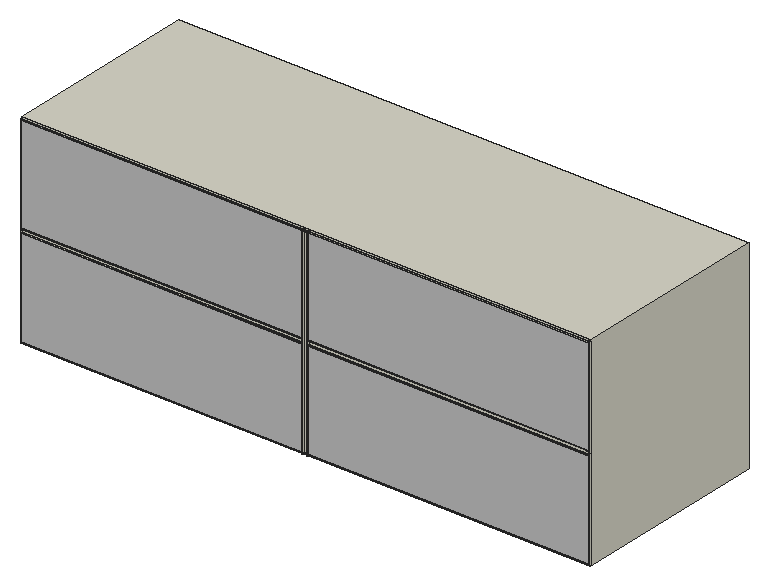
Revit family "vanity unit-hansgrohe-54200XXX-Xevolos E Vanity unit Sand Matt Beige 1570_550 with 4 drawers for consoles with 2 countertop basins ground", category Furniture, Revit 2019
Family settings
  OmniClass Number = 23.40.00.00
  OmniClass Title = Equipment and Furnishings
  Work Plane-Based = No
  Always vertical = Yes
  Cut with Voids When Loaded = No
  Shared = Yes
  Room Calculation Point = No
Parameters (values of type "54200790-SAND_MATT_BEIGE-METALLIC_SAND_BEIGE-200")
  etim7_EC011381 = "EC011381"
  WEIGHT = "88.5"
  UNSPSC = "56 | Furniture and Furnishings"
  UNIFORMATII = "E2010 | Fixed Furnishings"
  UNICLASS_2015_CODE = "40_30_78_05"
  UNICLASS2015 = "Pr_40_30_78_05 | Bathroom furniture"
  SURFACE = "METALLIC_SAND_BEIGE"
  REGION = "Worldwide"
  PRODUCTURL = "https://pro.hansgrohe.com/articledetail--54200790"
  PERMALINK = "54200XXX"
  OMNICLASS = "23-21 19 15 33 13 | Residential Bathroom Specialty Casework"
  OBJECTTYPE = "Object (single object)"
  OBERFLAECHE = "SAND_MATT_BEIGE"
  NN = "Vanity unit with 4 drawers for consoles with 2 countertop basins ground"
  NBSYN = "$ARTNR.-$OBERFLAECHE.-$SURFACE.-$LODLEVEL."
  NB = "54200790-SAND_MATT_BEIGE-METALLIC_SAND_BEIGE-200"
  NAME = "Xevolos E Vanity unit Sand Matt Beige 1570/550 with 4 drawers for consoles with 2 countertop basins ground"
  Model = "54200790-SAND_MATT_BEIGE-METALLIC_SAND_BEIGE-200"
  Manufacturer = "Hansgrohe"
  MIdent = "{$CADENAS_DATA/23d-libs/hansgrohe/xevolos_furniture/e_vanity_unit_4drawers_consoles_2countertop_basin/vanity_unit_4drawers_consoles_2countertopbasin.prj},310 {VTYP=3D},{NB=54200790-SAND_MATT_BEIGE-METALLIC_SAND_BEIGE-200},{LINA=54200790-SAND_MATT_BEIGE-METALLIC_SAND_BEIGE-200},{NN=Vanity unit with 4 drawers for consoles with 2 countertop basins ground},{DATE=13.03.2023 11:55:27},{GEOMDATE=12.03.2023 06:39:00},{VERSION=},{LINEID=150},{WBVAR=LODLEVEL},{WBNUMERIC=}  {NB=54200790-SAND_MATT_BEIGE-METALLIC_SAND_BEIGE-200},{LINA=54200790-SAND_MATT_BEIGE-METALLIC_SAND_BEIGE-200},{KT=DUMMY},{IDNR=15},{ARTNR=54200790},{BASENUMBER=54200},{MODEL=54200XXX},{OBERFLAECHE=SAND_MATT_BEIGE},{SURFACE=METALLIC_SAND_BEIGE},{L=1570},{LODLEVEL=200},{LODLEVELX='400','400','200','200'},{NAME=Xevolos E Vanity unit Sand Matt Beige 1570/550 with 4 drawers for consoles with 2 countertop basins ground},{PERMALINK=54200XXX},{OBJECTTYPE=Object (single object)},{BIMOBJECT=Sanitary: Compound units},{COLLECTIONSET=Xevolos E},{COLLECTION=vanity unit},{WEIGHT=88.5},{DESCRIPTION=Xevolos E Vanity unit Sand Matt Beige 1570/550 with 4 drawers for consoles with 2 countertop basins ground},{PRODUCTURL=https://pro.hansgrohe.com/articledetail--54200790},{GTINCODE=0},{TENDERURL=0},{IFC=Furnishing element},{ETIM=EC011381 | Bathroom furniture set},{UNICLASS2015=Pr_40_30_78_05 | Bathroom furniture},{OMNICLASS=23-21 19 15 33 13 | Residential Bathroom Specialty Casework},{MASTERFORMAT=12 35 30.23 | Bathroom Casework},{UNSPSC=56 | Furniture and Furnishings},{UNIFORMATII=E2010 | Fixed Furnishings},{REGION=Worldwide},{DESIGN=Germany},{MANUFACTURER=Germany}"
  MASTERFORMAT = "12 35 30.23 | Bathroom Casework"
  LODLEVEL = "200"
  LINA = "54200790-SAND_MATT_BEIGE-METALLIC_SAND_BEIGE-200"
  L = 1570
  IFC = "Furnishing element"
  IDNR = 15
  ETIM = "EC011381 | Bathroom furniture set"
  DESIGN = "Germany"
  COLLECTIONSET = "Xevolos E"
  COLLECTION = "vanity unit"
  CATALOG = "Hansgrohe"
  BIMOBJECT = "Sanitary: Compound units"
  BASENUMBER = "54200"
  ARTNR = "54200790"
  54200790-SAND_MATT_BEIGE-METALLIC_SAND_BEIGE-400_RX0RY0RZ0TX0TY0TZ0_V = no
  54200790-SAND_MATT_BEIGE-METALLIC_SAND_BEIGE-200_RX0RY0RZ0TX0TY0TZ0_V = yes
  54200730-SAND_MATT_BEIGE-DARK_OAK-400_RX0RY0RZ0TX0TY0TZ0_V = no
  54200730-SAND_MATT_BEIGE-DARK_OAK-200_RX0RY0RZ0TX0TY0TZ0_V = no
  54200390-SAND_MATT_BEIGE-PATTEREND_BRONZE-400_RX0RY0RZ0TX0TY0TZ0_V = no
  54200390-SAND_MATT_BEIGE-PATTEREND_BRONZE-200_RX0RY0RZ0TX0TY0TZ0_V = no
Reference planes
  plane 1 "Center (Front/Back)": y = 0
  plane 2: z = 0
  plane 3 "Center (Left/Right)": x = 0
Dimensions and locks
  aligned and locked: level to plane 2
Nested families
  nested 1: "54200390-sand_matt_beige-patterend_bronze-200_content" at (0, 0, 0), visible <- "54200390-SAND_MATT_BEIGE-PATTEREND_BRONZE-200_RX0RY0RZ0TX0TY0TZ0_V", ContentVisible <- "54200390-SAND_MATT_BEIGE-PATTEREND_BRONZE-200_RX0RY0RZ0TX0TY0TZ0_V", type "54200390-SAND_MATT_BEIGE-PATTEREND_BRONZE-200_Content"
    with ContentVisible no
  nested 2: "54200390-sand_matt_beige-patterend_bronze-400_content" at (0, 0, 0), visible <- "54200390-SAND_MATT_BEIGE-PATTEREND_BRONZE-400_RX0RY0RZ0TX0TY0TZ0_V", ContentVisible <- "54200390-SAND_MATT_BEIGE-PATTEREND_BRONZE-400_RX0RY0RZ0TX0TY0TZ0_V", type "54200390-SAND_MATT_BEIGE-PATTEREND_BRONZE-400_Content"
    with ContentVisible no
  nested 3: "54200730-sand_matt_beige-dark_oak-200_content" at (0, 0, 0), visible <- "54200730-SAND_MATT_BEIGE-DARK_OAK-200_RX0RY0RZ0TX0TY0TZ0_V", ContentVisible <- "54200730-SAND_MATT_BEIGE-DARK_OAK-200_RX0RY0RZ0TX0TY0TZ0_V", type "54200730-SAND_MATT_BEIGE-DARK_OAK-200_Content"
    with ContentVisible no
  nested 4: "54200730-sand_matt_beige-dark_oak-400_content" at (0, 0, 0), visible <- "54200730-SAND_MATT_BEIGE-DARK_OAK-400_RX0RY0RZ0TX0TY0TZ0_V", ContentVisible <- "54200730-SAND_MATT_BEIGE-DARK_OAK-400_RX0RY0RZ0TX0TY0TZ0_V", type "54200730-SAND_MATT_BEIGE-DARK_OAK-400_Content"
    with ContentVisible no
  nested 5: "54200790-sand_matt_beige-metallic_sand_beige-200_content" at (0, 0, 0), visible <- "54200790-SAND_MATT_BEIGE-METALLIC_SAND_BEIGE-200_RX0RY0RZ0TX0TY0TZ0_V", ContentVisible <- "54200790-SAND_MATT_BEIGE-METALLIC_SAND_BEIGE-200_RX0RY0RZ0TX0TY0TZ0_V", type "54200790-SAND_MATT_BEIGE-METALLIC_SAND_BEIGE-200_Content"
    with ContentVisible yes
  nested 6: "54200790-sand_matt_beige-metallic_sand_beige-400_content" at (0, 0, 0), visible <- "54200790-SAND_MATT_BEIGE-METALLIC_SAND_BEIGE-400_RX0RY0RZ0TX0TY0TZ0_V", ContentVisible <- "54200790-SAND_MATT_BEIGE-METALLIC_SAND_BEIGE-400_RX0RY0RZ0TX0TY0TZ0_V", type "54200790-SAND_MATT_BEIGE-METALLIC_SAND_BEIGE-400_Content"
    with ContentVisible no
Definition of nested family "54200790-sand_matt_beige-metallic_sand_beige-200_content"
  Parameters (values of type "54200790-SAND_MATT_BEIGE-METALLIC_SAND_BEIGE-200_Content")
    etim7_EC011381 = "EC011381"
    WEIGHT = "88.5"
    UNSPSC = "56 | Furniture and Furnishings"
    UNIFORMATII = "E2010 | Fixed Furnishings"
    UNICLASS_2015_CODE = "40_30_78_05"
    UNICLASS2015 = "Pr_40_30_78_05 | Bathroom furniture"
    SURFACE = "METALLIC_SAND_BEIGE"
    REGION = "Worldwide"
    PRODUCTURL = "https://pro.hansgrohe.com/articledetail--54200790"
    PERMALINK = "54200XXX"
    OMNICLASS = "23-21 19 15 33 13 | Residential Bathroom Specialty Casework"
    OBJECTTYPE = "Object (single object)"
    OBERFLAECHE = "SAND_MATT_BEIGE"
    NN = "Vanity unit with 4 drawers for consoles with 2 countertop basins ground"
    NBSYN = "$ARTNR.-$OBERFLAECHE.-$SURFACE.-$LODLEVEL."
    NB = "54200790-SAND_MATT_BEIGE-METALLIC_SAND_BEIGE-200"
    NAME = "Xevolos E Vanity unit Sand Matt Beige 1570/550 with 4 drawers for consoles with 2 countertop basins ground"
    Model = "54200790-SAND_MATT_BEIGE-METALLIC_SAND_BEIGE-200"
    Manufacturer = "Hansgrohe"
    MASTERFORMAT = "12 35 30.23 | Bathroom Casework"
    LODLEVEL = "200"
    LINA = "54200790-SAND_MATT_BEIGE-METALLIC_SAND_BEIGE-200"
    L = 1570
    IFC = "Furnishing element"
    IDNR = 15
    ETIM = "EC011381 | Bathroom furniture set"
    Default Elevation = 1219.2 mm
    DESIGN = "Germany"
    ContentVisible [instance] = yes
    COLLECTIONSET = "Xevolos E"
    COLLECTION = "vanity unit"
    CATALOG = "Hansgrohe"
    BIMOBJECT = "Sanitary: Compound units"
    BASENUMBER = "54200"
    ARTNR = "54200790"
  Reference planes
    plane 1 "Center (Front/Back)": y = 0
    plane 2: z = 0
    plane 3 "Center (Left/Right)": x = 0
  Forms (mm)
    Extrusion 1, solid, visible <- "ContentVisible", detail levels medium+fine
      sketch origin (0, 0, 0) x (1, 0, 0) y (0, 1, 0)
        loop
          line (-785, 0) -> (-785, -544.3) -> (785, -544.3) -> (785, 0) -> (-785, 0)
      from 0 to 558
    Extrusion 2, solid, visible <- "ContentVisible", detail levels medium+fine
      sketch origin (0, -544.3, 0) x (1, 0, 0) y (0, 0, -1)
        loop
          line (-785, -278) -> (-783, -278) -> (-783, -4) -> (783, -4) -> (783, -278) -> (785, -278) -> (785, -2) -> (-785, -2) -> (-785, -278)
      from -4 to 0
    Extrusion 3, solid, visible <- "ContentVisible", detail levels medium+fine
      sketch origin (0, -544.3, 0) x (1, 0, 0) y (0, 0, -1)
        loop
          line (-785, -278) -> (-785, -554) -> (785, -554) -> (785, -278) -> (783, -278) -> (783, -552) -> (-783, -552) -> (-783, -278) -> (-785, -278)
      from -4 to 0
    Extrusion 4, solid, visible <- "ContentVisible", detail levels medium+fine
      sketch origin (0, -544.3, 0) x (1, 0, 0) y (0, 0, -1)
        loop
          line (-783, -272.5) -> (-7, -272.5) -> (-7, -4) -> (-783, -4) -> (-783, -272.5)
      from -4 to 0
    Extrusion 5, solid, visible <- "ContentVisible", detail levels medium+fine
      sketch origin (0, -544.3, 0) x (1, 0, 0) y (0, 0, -1)
        loop
          line (7, -272.5) -> (783, -272.5) -> (783, -4) -> (7, -4) -> (7, -272.5)
      from -2 to 0
    Extrusion 6, solid, visible <- "ContentVisible", detail levels medium+fine
      sketch origin (0, -544.3, 0) x (1, 0, 0) y (0, 0, -1)
        loop
          line (-783, -554) -> (-7, -554) -> (-7, -285.5) -> (-783, -285.5) -> (-783, -554)
      from -4 to 0
    Extrusion 7, solid, visible <- "ContentVisible", detail levels medium+fine
      sketch origin (0, -544.3, 0) x (1, 0, 0) y (0, 0, -1)
        loop
          line (7, -554) -> (783, -554) -> (783, -285.5) -> (7, -285.5) -> (7, -554)
      from -4 to 0
    Extrusion 8, solid, visible <- "ContentVisible", detail levels medium+fine
      sketch origin (0, 0, 272.5) x (1, 0, 0) y (0, 1, 0)
        loop
          line (-783, -527) -> (-783, -548.3) -> (-7, -548.3) -> (-7, -527) -> (-783, -527)
      from 0 to 2
    Extrusion 9, solid, visible <- "ContentVisible", detail levels medium+fine
      sketch origin (0, 0, 272.5) x (1, 0, 0) y (0, 1, 0)
        loop
          line (7, -527) -> (7, -548.3) -> (783, -548.3) -> (783, -527) -> (7, -527)
      from 0 to 2
    Extrusion 10, solid, visible <- "ContentVisible", detail levels medium+fine
      sketch origin (0, 0, 285.5) x (1, 0, 0) y (0, 1, 0)
        loop
          line (-783, -527) -> (-783, -548.3) -> (-7, -548.3) -> (-7, -527) -> (-783, -527)
      from -2 to 0
    Extrusion 11, solid, visible <- "ContentVisible", detail levels medium+fine
      sketch origin (0, 0, 285.5) x (1, 0, 0) y (0, 1, 0)
        loop
          line (7, -527) -> (7, -548.3) -> (783, -548.3) -> (783, -527) -> (7, -527)
      from -2 to 0
    Extrusion 12, solid, visible <- "ContentVisible", detail levels medium+fine
      sketch origin (0, 0, 0) x (1, 0, 0) y (0, 1, 0)
        loop
          line (-7, -544.3) -> (-7, -548.3) -> (-5, -548.3) -> (-5, -544.3) -> (-7, -544.3)
      from 0 to 554
    Extrusion 13, solid, visible <- "ContentVisible", detail levels medium+fine
      sketch origin (0, 0, 0) x (1, 0, 0) y (0, 1, 0)
        loop
          line (5, -544.3) -> (5, -548.3) -> (7, -548.3) -> (7, -544.3) -> (5, -544.3)
      from 0 to 554
    Extrusion 14, solid, visible <- "ContentVisible", detail levels coarse
      sketch origin (0, -274.15, 0) x (1, 0, 0) y (0, 1, 0)
        loop
          line (-785, -274.15) -> (785, -274.15) -> (785, 274.15) -> (-785, 274.15) -> (-785, -274.15)
      from 0 to 558
  Dimensions and locks
    aligned and locked: level to plane 2
Definition of nested family "54200390-sand_matt_beige-patterend_bronze-200_content"
  Parameters (values of type "54200390-SAND_MATT_BEIGE-PATTEREND_BRONZE-200_Content")
    etim7_EC011381 = "EC011381"
    WEIGHT = "88.5"
    UNSPSC = "56 | Furniture and Furnishings"
    UNIFORMATII = "E2010 | Fixed Furnishings"
    UNICLASS_2015_CODE = "40_30_78_05"
    UNICLASS2015 = "Pr_40_30_78_05 | Bathroom furniture"
    SURFACE = "PATTEREND_BRONZE"
    REGION = "Worldwide"
    PRODUCTURL = "https://pro.hansgrohe.com/articledetail--54200790"
    PERMALINK = "54200XXX"
    OMNICLASS = "23-21 19 15 33 13 | Residential Bathroom Specialty Casework"
    OBJECTTYPE = "Object (single object)"
    OBERFLAECHE = "SAND_MATT_BEIGE"
    NN = "Vanity unit with 4 drawers for consoles with 2 countertop basins ground"
    NBSYN = "$ARTNR.-$OBERFLAECHE.-$SURFACE.-$LODLEVEL."
    NB = "54200390-SAND_MATT_BEIGE-PATTEREND_BRONZE-200"
    NAME = "Xevolos E Vanity unit Sand Matt Beige 1570/550 with 4 drawers for consoles with 2 countertop basins ground"
    Model = "54200390-SAND_MATT_BEIGE-PATTEREND_BRONZE-200"
    Manufacturer = "Hansgrohe"
    MASTERFORMAT = "12 35 30.23 | Bathroom Casework"
    LODLEVEL = "200"
    LINA = "54200390-SAND_MATT_BEIGE-PATTEREND_BRONZE-200"
    L = 1570
    IFC = "Furnishing element"
    IDNR = 13
    ETIM = "EC011381 | Bathroom furniture set"
    Default Elevation = 1219.2 mm
    DESIGN = "Germany"
    ContentVisible [instance] = yes
    COLLECTIONSET = "Xevolos E"
    COLLECTION = "vanity unit"
    CATALOG = "Hansgrohe"
    BIMOBJECT = "Sanitary: Compound units"
    BASENUMBER = "54200"
    ARTNR = "54200390"
  Reference planes
    plane 1 "Center (Front/Back)": y = 0
    plane 2: z = 0
    plane 3 "Center (Left/Right)": x = 0
  Forms (mm)
    Extrusion 1, solid, visible <- "ContentVisible", detail levels medium+fine
      sketch origin (0, 0, 0) x (1, 0, 0) y (0, 1, 0)
        loop
          line (-785, 0) -> (-785, -544.3) -> (785, -544.3) -> (785, 0) -> (-785, 0)
      from 0 to 558
    Extrusion 2, solid, visible <- "ContentVisible", detail levels medium+fine
      sketch origin (0, -544.3, 0) x (1, 0, 0) y (0, 0, -1)
        loop
          line (-785, -278) -> (-783, -278) -> (-783, -4) -> (783, -4) -> (783, -278) -> (785, -278) -> (785, -2) -> (-785, -2) -> (-785, -278)
      from -4 to 0
    Extrusion 3, solid, visible <- "ContentVisible", detail levels medium+fine
      sketch origin (0, -544.3, 0) x (1, 0, 0) y (0, 0, -1)
        loop
          line (-785, -278) -> (-785, -554) -> (785, -554) -> (785, -278) -> (783, -278) -> (783, -552) -> (-783, -552) -> (-783, -278) -> (-785, -278)
      from -4 to 0
    Extrusion 4, solid, visible <- "ContentVisible", detail levels medium+fine
      sketch origin (0, -544.3, 0) x (1, 0, 0) y (0, 0, -1)
        loop
          line (-783, -272.5) -> (-7, -272.5) -> (-7, -4) -> (-783, -4) -> (-783, -272.5)
      from -4 to 0
    Extrusion 5, solid, visible <- "ContentVisible", detail levels medium+fine
      sketch origin (0, -544.3, 0) x (1, 0, 0) y (0, 0, -1)
        loop
          line (7, -272.5) -> (783, -272.5) -> (783, -4) -> (7, -4) -> (7, -272.5)
      from -2 to 0
    Extrusion 6, solid, visible <- "ContentVisible", detail levels medium+fine
      sketch origin (0, -544.3, 0) x (1, 0, 0) y (0, 0, -1)
        loop
          line (-783, -554) -> (-7, -554) -> (-7, -285.5) -> (-783, -285.5) -> (-783, -554)
      from -4 to 0
    Extrusion 7, solid, visible <- "ContentVisible", detail levels medium+fine
      sketch origin (0, -544.3, 0) x (1, 0, 0) y (0, 0, -1)
        loop
          line (7, -554) -> (783, -554) -> (783, -285.5) -> (7, -285.5) -> (7, -554)
      from -4 to 0
    Extrusion 8, solid, visible <- "ContentVisible", detail levels medium+fine
      sketch origin (0, 0, 272.5) x (1, 0, 0) y (0, 1, 0)
        loop
          line (-783, -527) -> (-783, -548.3) -> (-7, -548.3) -> (-7, -527) -> (-783, -527)
      from 0 to 2
    Extrusion 9, solid, visible <- "ContentVisible", detail levels medium+fine
      sketch origin (0, 0, 272.5) x (1, 0, 0) y (0, 1, 0)
        loop
          line (7, -527) -> (7, -548.3) -> (783, -548.3) -> (783, -527) -> (7, -527)
      from 0 to 2
    Extrusion 10, solid, visible <- "ContentVisible", detail levels medium+fine
      sketch origin (0, 0, 285.5) x (1, 0, 0) y (0, 1, 0)
        loop
          line (-783, -527) -> (-783, -548.3) -> (-7, -548.3) -> (-7, -527) -> (-783, -527)
      from -2 to 0
    Extrusion 11, solid, visible <- "ContentVisible", detail levels medium+fine
      sketch origin (0, 0, 285.5) x (1, 0, 0) y (0, 1, 0)
        loop
          line (7, -527) -> (7, -548.3) -> (783, -548.3) -> (783, -527) -> (7, -527)
      from -2 to 0
    Extrusion 12, solid, visible <- "ContentVisible", detail levels medium+fine
      sketch origin (0, 0, 0) x (1, 0, 0) y (0, 1, 0)
        loop
          line (-7, -544.3) -> (-7, -548.3) -> (-5, -548.3) -> (-5, -544.3) -> (-7, -544.3)
      from 0 to 554
    Extrusion 13, solid, visible <- "ContentVisible", detail levels medium+fine
      sketch origin (0, 0, 0) x (1, 0, 0) y (0, 1, 0)
        loop
          line (5, -544.3) -> (5, -548.3) -> (7, -548.3) -> (7, -544.3) -> (5, -544.3)
      from 0 to 554
    Extrusion 14, solid, visible <- "ContentVisible", detail levels coarse
      sketch origin (0, -274.15, 0) x (1, 0, 0) y (0, 1, 0)
        loop
          line (-785, -274.15) -> (785, -274.15) -> (785, 274.15) -> (-785, 274.15) -> (-785, -274.15)
      from 0 to 558
  Dimensions and locks
    aligned and locked: level to plane 2
Definition of nested family "54200390-sand_matt_beige-patterend_bronze-400_content"
  Parameters (values of type "54200390-SAND_MATT_BEIGE-PATTEREND_BRONZE-400_Content")
    etim7_EC011381 = "EC011381"
    WEIGHT = "88.5"
    UNSPSC = "56 | Furniture and Furnishings"
    UNIFORMATII = "E2010 | Fixed Furnishings"
    UNICLASS_2015_CODE = "40_30_78_05"
    UNICLASS2015 = "Pr_40_30_78_05 | Bathroom furniture"
    SURFACE = "PATTEREND_BRONZE"
    REGION = "Worldwide"
    PRODUCTURL = "https://pro.hansgrohe.com/articledetail--54200790"
    PERMALINK = "54200XXX"
    OMNICLASS = "23-21 19 15 33 13 | Residential Bathroom Specialty Casework"
    OBJECTTYPE = "Object (single object)"
    OBERFLAECHE = "SAND_MATT_BEIGE"
    NN = "Vanity unit with 4 drawers for consoles with 2 countertop basins ground"
    NBSYN = "$ARTNR.-$OBERFLAECHE.-$SURFACE.-$LODLEVEL."
    NB = "54200390-SAND_MATT_BEIGE-PATTEREND_BRONZE-400"
    NAME = "Xevolos E Vanity unit Sand Matt Beige 1570/550 with 4 drawers for consoles with 2 countertop basins ground"
    Model = "54200390-SAND_MATT_BEIGE-PATTEREND_BRONZE-400"
    Manufacturer = "Hansgrohe"
    MASTERFORMAT = "12 35 30.23 | Bathroom Casework"
    LODLEVEL = "400"
    LINA = "54200390-SAND_MATT_BEIGE-PATTEREND_BRONZE-400"
    L = 1570
    IFC = "Furnishing element"
    IDNR = 13
    ETIM = "EC011381 | Bathroom furniture set"
    Default Elevation = 1219.2 mm
    DESIGN = "Germany"
    ContentVisible [instance] = yes
    COLLECTIONSET = "Xevolos E"
    COLLECTION = "vanity unit"
    CATALOG = "Hansgrohe"
    BIMOBJECT = "Sanitary: Compound units"
    BASENUMBER = "54200"
    ARTNR = "54200390"
  Reference planes
    plane 1 "Center (Front/Back)": y = 0
    plane 2: z = 0
    plane 3 "Center (Left/Right)": x = 0
  Forms (mm)
    Extrusion 1, solid, visible <- "ContentVisible", detail levels medium+fine
      sketch origin (0, 0, 0) x (1, 0, 0) y (0, 1, 0)
        loop
          line (-785, 0) -> (-785, -548.3) -> (-783, -548.3) -> (-783, -544.3) -> (-769, -544.3) -> (-769, 0) -> (-785, 0)
      from 0 to 558
    Extrusion 2, solid, visible <- "ContentVisible", detail levels medium+fine
      sketch origin (0, 0, 0) x (1, 0, 0) y (0, 1, 0)
        loop
          line (-769, -131.5) -> (-769, -498) -> (769, -498) -> (769, -131.5) -> (-769, -131.5)
      from 0 to 16
    Extrusion 3, solid, visible <- "ContentVisible", detail levels medium+fine
      sketch origin (0, 0, 0) x (1, 0, 0) y (0, 1, 0)
        loop
          line (769, 0) -> (769, -544.3) -> (783, -544.3) -> (783, -548.3) -> (785, -548.3) -> (785, 0) -> (769, 0)
      from 0 to 558
    Extrusion 4, solid, visible <- "ContentVisible", detail levels medium+fine
      sketch origin (0, 0, 0.5) x (1, 0, 0) y (0, 1, 0)
        loop
          line (-769, -115.5) -> (-769, -131.5) -> (769, -131.5) -> (769, -115.5) -> (-769, -115.5)
      from 0 to 126
    Extrusion 5, solid, visible <- "ContentVisible", detail levels medium+fine
      sketch origin (0, 0, 0) x (1, 0, 0) y (0, 1, 0)
        loop
          line (-5, -536) -> (5, -536) -> (5, 0) -> (-5, 0) -> (-5, -536)
      from 0 to 558
    Extrusion 6, solid, visible <- "ContentVisible", detail levels medium+fine
      sketch origin (0, 0, 0) x (1, 0, 0) y (0, 1, 0)
        loop
          line (-21, 0) -> (-21, -544.3) -> (-7, -544.3) -> (-7, -548.3) -> (-5, -548.3) -> (-5, 0) -> (-21, 0)
      from 0 to 558
    Extrusion 7, solid, visible <- "ContentVisible", detail levels medium+fine
      sketch origin (0, 0, 0) x (1, 0, 0) y (0, 1, 0)
        loop
          line (5, 0) -> (5, -548.3) -> (7, -548.3) -> (7, -544.3) -> (21, -544.3) -> (21, 0) -> (5, 0)
      from 0 to 558
    Extrusion 8, solid, visible <- "ContentVisible", detail levels medium+fine
      sketch origin (0, 0, 2) x (1, 0, 0) y (0, 1, 0)
        loop
          line (-783, -527) -> (-783, -548.3) -> (-7, -548.3) -> (-7, -527) -> (-783, -527)
      from 0 to 2
    Extrusion 9, solid, visible <- "ContentVisible", detail levels medium+fine
      sketch origin (0, 0, 2) x (1, 0, 0) y (0, 1, 0)
        loop
          line (7, -527) -> (7, -548.3) -> (783, -548.3) -> (783, -527) -> (7, -527)
      from 0 to 2
    Extrusion 10, solid, visible <- "ContentVisible", detail levels medium+fine
      sketch origin (0, 0, 556) x (1, 0, 0) y (0, 1, 0)
        loop
          line (-783, -527) -> (-783, -548.3) -> (-7, -548.3) -> (-7, -527) -> (-783, -527)
      from -2 to 0
    Extrusion 11, solid, visible <- "ContentVisible", detail levels medium+fine
      sketch origin (0, 0, 556) x (1, 0, 0) y (0, 1, 0)
        loop
          line (7, -527) -> (7, -548.3) -> (783, -548.3) -> (783, -527) -> (7, -527)
      from -2 to 0
    Extrusion 12, solid, visible <- "ContentVisible", detail levels medium+fine
      sketch origin (0, -544.3, 0) x (1, 0, 0) y (0, 0, -1)
        loop
          line (-783, -272.5) -> (-7, -272.5) -> (-7, -4) -> (-783, -4) -> (-783, -272.5)
      from -4 to 0
    Extrusion 13, solid, visible <- "ContentVisible", detail levels medium+fine
      sketch origin (0, -544.3, 0) x (1, 0, 0) y (0, 0, -1)
        loop
          line (7, -272.5) -> (783, -272.5) -> (783, -4) -> (7, -4) -> (7, -272.5)
      from -2 to 0
    Extrusion 14, solid, visible <- "ContentVisible", detail levels medium+fine
      sketch origin (0, -544.3, 0) x (1, 0, 0) y (0, 0, -1)
        loop
          line (-783, -554) -> (-7, -554) -> (-7, -285.5) -> (-783, -285.5) -> (-783, -554)
      from -4 to 0
    Extrusion 15, solid, visible <- "ContentVisible", detail levels medium+fine
      sketch origin (0, -544.3, 0) x (1, 0, 0) y (0, 0, -1)
        loop
          line (7, -554) -> (783, -554) -> (783, -285.5) -> (7, -285.5) -> (7, -554)
      from -4 to 0
    Extrusion 16, solid, visible <- "ContentVisible", detail levels medium+fine
      sketch origin (0, 0, 272.5) x (1, 0, 0) y (0, 1, 0)
        loop
          line (-783, -527) -> (-783, -548.3) -> (-7, -548.3) -> (-7, -527) -> (-783, -527)
      from 0 to 2
    Extrusion 17, solid, visible <- "ContentVisible", detail levels medium+fine
      sketch origin (0, 0, 272.5) x (1, 0, 0) y (0, 1, 0)
        loop
          line (7, -527) -> (7, -548.3) -> (783, -548.3) -> (783, -527) -> (7, -527)
      from 0 to 2
    Extrusion 18, solid, visible <- "ContentVisible", detail levels medium+fine
      sketch origin (0, 0, 285.5) x (1, 0, 0) y (0, 1, 0)
        loop
          line (-783, -527) -> (-783, -548.3) -> (-7, -548.3) -> (-7, -527) -> (-783, -527)
      from -2 to 0
    Extrusion 19, solid, visible <- "ContentVisible", detail levels medium+fine
      sketch origin (0, 0, 285.5) x (1, 0, 0) y (0, 1, 0)
        loop
          line (7, -527) -> (7, -548.3) -> (783, -548.3) -> (783, -527) -> (7, -527)
      from -2 to 0
    Extrusion 20, solid, visible <- "ContentVisible", detail levels medium+fine
      sketch origin (0, -544.3, 0) x (1, 0, 0) y (0, 0, -1)
        loop
          line (-783, -274.5) -> (-7, -274.5) -> (-7, -4.5) -> (-783, -4.5) -> (-783, -274.5)
        loop
          line (-709, -80.5) -> (-709, -272.5) -> (-81, -272.5) -> (-81, -80.5) -> (-709, -80.5)
      from 0 to 17
    Extrusion 21, solid, visible <- "ContentVisible", detail levels medium+fine
      sketch origin (0, -544.3, 0) x (1, 0, 0) y (0, 0, -1)
        loop
          line (7, -274.5) -> (783, -274.5) -> (783, -4.5) -> (7, -4.5) -> (7, -274.5)
        loop
          line (81, -80.5) -> (81, -272.5) -> (709, -272.5) -> (709, -80.5) -> (81, -80.5)
      from 0 to 17
    Extrusion 22, solid, visible <- "ContentVisible", detail levels medium+fine
      sketch origin (0, -544.3, 0) x (1, 0, 0) y (0, 0, -1)
        loop
          line (-783, -553.5) -> (-707, -553.5) -> (-707, -361.5) -> (-83, -361.5) -> (-83, -553.5) -> (-7, -553.5) -> (-7, -285.5) -> (-783, -285.5) -> (-783, -553.5)
      from 0 to 17
    Extrusion 23, solid, visible <- "ContentVisible", detail levels medium+fine
      sketch origin (0, -544.3, 0) x (1, 0, 0) y (0, 0, -1)
        loop
          line (7, -285.5) -> (7, -553.5) -> (83, -553.5) -> (83, -361.5) -> (707, -361.5) -> (707, -553.5) -> (783, -553.5) -> (783, -285.5) -> (7, -285.5)
      from 0 to 17
    Extrusion 24, solid, visible <- "ContentVisible", detail levels medium+fine
      sketch origin (0, 0, 0) x (0, 0, -1) y (0, 1, 0)
        loop
          line (-285, -395.5) -> (-285, -520) -> (-269, -520) -> (-269, -395.5) -> (-285, -395.5)
      from -769 to 769
    Extrusion 25, solid, visible <- "ContentVisible", detail levels medium+fine
      sketch origin (0, 0, 557.5) x (1, 0, 0) y (0, 1, 0)
        loop
          line (-769, -521.5) -> (-21, -521.5) -> (-21, -23) -> (-195, -23) -> (-195, -273)
          arc (-195, -273) -> (-224.289, -343.711) -> (-295, -373) r 100
          line (-295, -373) -> (-395, -373)
          arc (-395, -373) -> (-465.711, -343.711) -> (-495, -273) r 100
          line (-495, -273) -> (-495, -23) -> (-769, -23) -> (-769, -521.5)
      from -16 to 0
    Extrusion 26, solid, visible <- "ContentVisible", detail levels medium+fine
      sketch origin (0, 0, 557.5) x (1, 0, 0) y (0, 1, 0)
        loop
          line (21, -23) -> (21, -521.5) -> (769, -521.5) -> (769, -23) -> (495, -23) -> (495, -273)
          arc (495, -273) -> (465.711, -343.711) -> (395, -373) r 100
          line (395, -373) -> (295, -373)
          arc (295, -373) -> (224.289, -343.711) -> (195, -273) r 100
          line (195, -273) -> (195, -23) -> (21, -23)
      from -16 to 0
    Extrusion 27, solid, visible <- "ContentVisible", detail levels coarse
      sketch origin (0, -274.15, 0) x (1, 0, 0) y (0, 1, 0)
        loop
          line (-785, -274.15) -> (785, -274.15) -> (785, 274.15) -> (-785, 274.15) -> (-785, -274.15)
      from 0 to 558
  Dimensions and locks
    aligned and locked: level to plane 2
Definition of nested family "54200730-sand_matt_beige-dark_oak-200_content"
  Parameters (values of type "54200730-SAND_MATT_BEIGE-DARK_OAK-200_Content")
    etim7_EC011381 = "EC011381"
    WEIGHT = "88.5"
    UNSPSC = "56 | Furniture and Furnishings"
    UNIFORMATII = "E2010 | Fixed Furnishings"
    UNICLASS_2015_CODE = "40_30_78_05"
    UNICLASS2015 = "Pr_40_30_78_05 | Bathroom furniture"
    SURFACE = "DARK_OAK"
    REGION = "Worldwide"
    PRODUCTURL = "https://pro.hansgrohe.com/articledetail--54200790"
    PERMALINK = "54200XXX"
    OMNICLASS = "23-21 19 15 33 13 | Residential Bathroom Specialty Casework"
    OBJECTTYPE = "Object (single object)"
    OBERFLAECHE = "SAND_MATT_BEIGE"
    NN = "Vanity unit with 4 drawers for consoles with 2 countertop basins ground"
    NBSYN = "$ARTNR.-$OBERFLAECHE.-$SURFACE.-$LODLEVEL."
    NB = "54200730-SAND_MATT_BEIGE-DARK_OAK-200"
    NAME = "Xevolos E Vanity unit Sand Matt Beige 1570/550 with 4 drawers for consoles with 2 countertop basins ground"
    Model = "54200730-SAND_MATT_BEIGE-DARK_OAK-200"
    Manufacturer = "Hansgrohe"
    MASTERFORMAT = "12 35 30.23 | Bathroom Casework"
    LODLEVEL = "200"
    LINA = "54200730-SAND_MATT_BEIGE-DARK_OAK-200"
    L = 1570
    IFC = "Furnishing element"
    IDNR = 14
    ETIM = "EC011381 | Bathroom furniture set"
    Default Elevation = 1219.2 mm
    DESIGN = "Germany"
    ContentVisible [instance] = yes
    COLLECTIONSET = "Xevolos E"
    COLLECTION = "vanity unit"
    CATALOG = "Hansgrohe"
    BIMOBJECT = "Sanitary: Compound units"
    BASENUMBER = "54200"
    ARTNR = "54200730"
  Reference planes
    plane 1 "Center (Front/Back)": y = 0
    plane 2: z = 0
    plane 3 "Center (Left/Right)": x = 0
  Forms (mm)
    Extrusion 1, solid, visible <- "ContentVisible", detail levels medium+fine
      sketch origin (0, 0, 0) x (1, 0, 0) y (0, 1, 0)
        loop
          line (-785, 0) -> (-785, -544.3) -> (785, -544.3) -> (785, 0) -> (-785, 0)
      from 0 to 558
    Extrusion 2, solid, visible <- "ContentVisible", detail levels medium+fine
      sketch origin (0, -544.3, 0) x (1, 0, 0) y (0, 0, -1)
        loop
          line (-785, -278) -> (-783, -278) -> (-783, -4) -> (783, -4) -> (783, -278) -> (785, -278) -> (785, -2) -> (-785, -2) -> (-785, -278)
      from -4 to 0
    Extrusion 3, solid, visible <- "ContentVisible", detail levels medium+fine
      sketch origin (0, -544.3, 0) x (1, 0, 0) y (0, 0, -1)
        loop
          line (-785, -278) -> (-785, -554) -> (785, -554) -> (785, -278) -> (783, -278) -> (783, -552) -> (-783, -552) -> (-783, -278) -> (-785, -278)
      from -4 to 0
    Extrusion 4, solid, visible <- "ContentVisible", detail levels medium+fine
      sketch origin (0, -544.3, 0) x (1, 0, 0) y (0, 0, -1)
        loop
          line (-783, -272.5) -> (-7, -272.5) -> (-7, -4) -> (-783, -4) -> (-783, -272.5)
      from -4 to 0
    Extrusion 5, solid, visible <- "ContentVisible", detail levels medium+fine
      sketch origin (0, -544.3, 0) x (1, 0, 0) y (0, 0, -1)
        loop
          line (7, -272.5) -> (783, -272.5) -> (783, -4) -> (7, -4) -> (7, -272.5)
      from -2 to 0
    Extrusion 6, solid, visible <- "ContentVisible", detail levels medium+fine
      sketch origin (0, -544.3, 0) x (1, 0, 0) y (0, 0, -1)
        loop
          line (-783, -554) -> (-7, -554) -> (-7, -285.5) -> (-783, -285.5) -> (-783, -554)
      from -4 to 0
    Extrusion 7, solid, visible <- "ContentVisible", detail levels medium+fine
      sketch origin (0, -544.3, 0) x (1, 0, 0) y (0, 0, -1)
        loop
          line (7, -554) -> (783, -554) -> (783, -285.5) -> (7, -285.5) -> (7, -554)
      from -4 to 0
    Extrusion 8, solid, visible <- "ContentVisible", detail levels medium+fine
      sketch origin (0, 0, 272.5) x (1, 0, 0) y (0, 1, 0)
        loop
          line (-783, -527) -> (-783, -548.3) -> (-7, -548.3) -> (-7, -527) -> (-783, -527)
      from 0 to 2
    Extrusion 9, solid, visible <- "ContentVisible", detail levels medium+fine
      sketch origin (0, 0, 272.5) x (1, 0, 0) y (0, 1, 0)
        loop
          line (7, -527) -> (7, -548.3) -> (783, -548.3) -> (783, -527) -> (7, -527)
      from 0 to 2
    Extrusion 10, solid, visible <- "ContentVisible", detail levels medium+fine
      sketch origin (0, 0, 285.5) x (1, 0, 0) y (0, 1, 0)
        loop
          line (-783, -527) -> (-783, -548.3) -> (-7, -548.3) -> (-7, -527) -> (-783, -527)
      from -2 to 0
    Extrusion 11, solid, visible <- "ContentVisible", detail levels medium+fine
      sketch origin (0, 0, 285.5) x (1, 0, 0) y (0, 1, 0)
        loop
          line (7, -527) -> (7, -548.3) -> (783, -548.3) -> (783, -527) -> (7, -527)
      from -2 to 0
    Extrusion 12, solid, visible <- "ContentVisible", detail levels medium+fine
      sketch origin (0, 0, 0) x (1, 0, 0) y (0, 1, 0)
        loop
          line (-7, -544.3) -> (-7, -548.3) -> (-5, -548.3) -> (-5, -544.3) -> (-7, -544.3)
      from 0 to 554
    Extrusion 13, solid, visible <- "ContentVisible", detail levels medium+fine
      sketch origin (0, 0, 0) x (1, 0, 0) y (0, 1, 0)
        loop
          line (5, -544.3) -> (5, -548.3) -> (7, -548.3) -> (7, -544.3) -> (5, -544.3)
      from 0 to 554
    Extrusion 14, solid, visible <- "ContentVisible", detail levels coarse
      sketch origin (0, -274.15, 0) x (1, 0, 0) y (0, 1, 0)
        loop
          line (-785, -274.15) -> (785, -274.15) -> (785, 274.15) -> (-785, 274.15) -> (-785, -274.15)
      from 0 to 558
  Dimensions and locks
    aligned and locked: level to plane 2
Definition of nested family "54200730-sand_matt_beige-dark_oak-400_content"
  Parameters (values of type "54200730-SAND_MATT_BEIGE-DARK_OAK-400_Content")
    etim7_EC011381 = "EC011381"
    WEIGHT = "88.5"
    UNSPSC = "56 | Furniture and Furnishings"
    UNIFORMATII = "E2010 | Fixed Furnishings"
    UNICLASS_2015_CODE = "40_30_78_05"
    UNICLASS2015 = "Pr_40_30_78_05 | Bathroom furniture"
    SURFACE = "DARK_OAK"
    REGION = "Worldwide"
    PRODUCTURL = "https://pro.hansgrohe.com/articledetail--54200790"
    PERMALINK = "54200XXX"
    OMNICLASS = "23-21 19 15 33 13 | Residential Bathroom Specialty Casework"
    OBJECTTYPE = "Object (single object)"
    OBERFLAECHE = "SAND_MATT_BEIGE"
    NN = "Vanity unit with 4 drawers for consoles with 2 countertop basins ground"
    NBSYN = "$ARTNR.-$OBERFLAECHE.-$SURFACE.-$LODLEVEL."
    NB = "54200730-SAND_MATT_BEIGE-DARK_OAK-400"
    NAME = "Xevolos E Vanity unit Sand Matt Beige 1570/550 with 4 drawers for consoles with 2 countertop basins ground"
    Model = "54200730-SAND_MATT_BEIGE-DARK_OAK-400"
    Manufacturer = "Hansgrohe"
    MASTERFORMAT = "12 35 30.23 | Bathroom Casework"
    LODLEVEL = "400"
    LINA = "54200730-SAND_MATT_BEIGE-DARK_OAK-400"
    L = 1570
    IFC = "Furnishing element"
    IDNR = 14
    ETIM = "EC011381 | Bathroom furniture set"
    Default Elevation = 1219.2 mm
    DESIGN = "Germany"
    ContentVisible [instance] = yes
    COLLECTIONSET = "Xevolos E"
    COLLECTION = "vanity unit"
    CATALOG = "Hansgrohe"
    BIMOBJECT = "Sanitary: Compound units"
    BASENUMBER = "54200"
    ARTNR = "54200730"
  Reference planes
    plane 1 "Center (Front/Back)": y = 0
    plane 2: z = 0
    plane 3 "Center (Left/Right)": x = 0
  Forms (mm)
    Extrusion 1, solid, visible <- "ContentVisible", detail levels medium+fine
      sketch origin (0, 0, 0) x (1, 0, 0) y (0, 1, 0)
        loop
          line (-785, 0) -> (-785, -548.3) -> (-783, -548.3) -> (-783, -544.3) -> (-769, -544.3) -> (-769, 0) -> (-785, 0)
      from 0 to 558
    Extrusion 2, solid, visible <- "ContentVisible", detail levels medium+fine
      sketch origin (0, 0, 0) x (1, 0, 0) y (0, 1, 0)
        loop
          line (-769, -131.5) -> (-769, -498) -> (769, -498) -> (769, -131.5) -> (-769, -131.5)
      from 0 to 16
    Extrusion 3, solid, visible <- "ContentVisible", detail levels medium+fine
      sketch origin (0, 0, 0) x (1, 0, 0) y (0, 1, 0)
        loop
          line (769, 0) -> (769, -544.3) -> (783, -544.3) -> (783, -548.3) -> (785, -548.3) -> (785, 0) -> (769, 0)
      from 0 to 558
    Extrusion 4, solid, visible <- "ContentVisible", detail levels medium+fine
      sketch origin (0, 0, 0.5) x (1, 0, 0) y (0, 1, 0)
        loop
          line (-769, -115.5) -> (-769, -131.5) -> (769, -131.5) -> (769, -115.5) -> (-769, -115.5)
      from 0 to 126
    Extrusion 5, solid, visible <- "ContentVisible", detail levels medium+fine
      sketch origin (0, 0, 0) x (1, 0, 0) y (0, 1, 0)
        loop
          line (-5, -536) -> (5, -536) -> (5, 0) -> (-5, 0) -> (-5, -536)
      from 0 to 558
    Extrusion 6, solid, visible <- "ContentVisible", detail levels medium+fine
      sketch origin (0, 0, 0) x (1, 0, 0) y (0, 1, 0)
        loop
          line (-21, 0) -> (-21, -544.3) -> (-7, -544.3) -> (-7, -548.3) -> (-5, -548.3) -> (-5, 0) -> (-21, 0)
      from 0 to 558
    Extrusion 7, solid, visible <- "ContentVisible", detail levels medium+fine
      sketch origin (0, 0, 0) x (1, 0, 0) y (0, 1, 0)
        loop
          line (5, 0) -> (5, -548.3) -> (7, -548.3) -> (7, -544.3) -> (21, -544.3) -> (21, 0) -> (5, 0)
      from 0 to 558
    Extrusion 8, solid, visible <- "ContentVisible", detail levels medium+fine
      sketch origin (0, 0, 2) x (1, 0, 0) y (0, 1, 0)
        loop
          line (-783, -527) -> (-783, -548.3) -> (-7, -548.3) -> (-7, -527) -> (-783, -527)
      from 0 to 2
    Extrusion 9, solid, visible <- "ContentVisible", detail levels medium+fine
      sketch origin (0, 0, 2) x (1, 0, 0) y (0, 1, 0)
        loop
          line (7, -527) -> (7, -548.3) -> (783, -548.3) -> (783, -527) -> (7, -527)
      from 0 to 2
    Extrusion 10, solid, visible <- "ContentVisible", detail levels medium+fine
      sketch origin (0, 0, 556) x (1, 0, 0) y (0, 1, 0)
        loop
          line (-783, -527) -> (-783, -548.3) -> (-7, -548.3) -> (-7, -527) -> (-783, -527)
      from -2 to 0
    Extrusion 11, solid, visible <- "ContentVisible", detail levels medium+fine
      sketch origin (0, 0, 556) x (1, 0, 0) y (0, 1, 0)
        loop
          line (7, -527) -> (7, -548.3) -> (783, -548.3) -> (783, -527) -> (7, -527)
      from -2 to 0
    Extrusion 12, solid, visible <- "ContentVisible", detail levels medium+fine
      sketch origin (0, -544.3, 0) x (1, 0, 0) y (0, 0, -1)
        loop
          line (-783, -272.5) -> (-7, -272.5) -> (-7, -4) -> (-783, -4) -> (-783, -272.5)
      from -4 to 0
    Extrusion 13, solid, visible <- "ContentVisible", detail levels medium+fine
      sketch origin (0, -544.3, 0) x (1, 0, 0) y (0, 0, -1)
        loop
          line (7, -272.5) -> (783, -272.5) -> (783, -4) -> (7, -4) -> (7, -272.5)
      from -2 to 0
    Extrusion 14, solid, visible <- "ContentVisible", detail levels medium+fine
      sketch origin (0, -544.3, 0) x (1, 0, 0) y (0, 0, -1)
        loop
          line (-783, -554) -> (-7, -554) -> (-7, -285.5) -> (-783, -285.5) -> (-783, -554)
      from -4 to 0
    Extrusion 15, solid, visible <- "ContentVisible", detail levels medium+fine
      sketch origin (0, -544.3, 0) x (1, 0, 0) y (0, 0, -1)
        loop
          line (7, -554) -> (783, -554) -> (783, -285.5) -> (7, -285.5) -> (7, -554)
      from -4 to 0
    Extrusion 16, solid, visible <- "ContentVisible", detail levels medium+fine
      sketch origin (0, 0, 272.5) x (1, 0, 0) y (0, 1, 0)
        loop
          line (-783, -527) -> (-783, -548.3) -> (-7, -548.3) -> (-7, -527) -> (-783, -527)
      from 0 to 2
    Extrusion 17, solid, visible <- "ContentVisible", detail levels medium+fine
      sketch origin (0, 0, 272.5) x (1, 0, 0) y (0, 1, 0)
        loop
          line (7, -527) -> (7, -548.3) -> (783, -548.3) -> (783, -527) -> (7, -527)
      from 0 to 2
    Extrusion 18, solid, visible <- "ContentVisible", detail levels medium+fine
      sketch origin (0, 0, 285.5) x (1, 0, 0) y (0, 1, 0)
        loop
          line (-783, -527) -> (-783, -548.3) -> (-7, -548.3) -> (-7, -527) -> (-783, -527)
      from -2 to 0
    Extrusion 19, solid, visible <- "ContentVisible", detail levels medium+fine
      sketch origin (0, 0, 285.5) x (1, 0, 0) y (0, 1, 0)
        loop
          line (7, -527) -> (7, -548.3) -> (783, -548.3) -> (783, -527) -> (7, -527)
      from -2 to 0
    Extrusion 20, solid, visible <- "ContentVisible", detail levels medium+fine
      sketch origin (0, -544.3, 0) x (1, 0, 0) y (0, 0, -1)
        loop
          line (-783, -274.5) -> (-7, -274.5) -> (-7, -4.5) -> (-783, -4.5) -> (-783, -274.5)
        loop
          line (-709, -80.5) -> (-709, -272.5) -> (-81, -272.5) -> (-81, -80.5) -> (-709, -80.5)
      from 0 to 17
    Extrusion 21, solid, visible <- "ContentVisible", detail levels medium+fine
      sketch origin (0, -544.3, 0) x (1, 0, 0) y (0, 0, -1)
        loop
          line (7, -274.5) -> (783, -274.5) -> (783, -4.5) -> (7, -4.5) -> (7, -274.5)
        loop
          line (81, -80.5) -> (81, -272.5) -> (709, -272.5) -> (709, -80.5) -> (81, -80.5)
      from 0 to 17
    Extrusion 22, solid, visible <- "ContentVisible", detail levels medium+fine
      sketch origin (0, -544.3, 0) x (1, 0, 0) y (0, 0, -1)
        loop
          line (-783, -553.5) -> (-707, -553.5) -> (-707, -361.5) -> (-83, -361.5) -> (-83, -553.5) -> (-7, -553.5) -> (-7, -285.5) -> (-783, -285.5) -> (-783, -553.5)
      from 0 to 17
    Extrusion 23, solid, visible <- "ContentVisible", detail levels medium+fine
      sketch origin (0, -544.3, 0) x (1, 0, 0) y (0, 0, -1)
        loop
          line (7, -285.5) -> (7, -553.5) -> (83, -553.5) -> (83, -361.5) -> (707, -361.5) -> (707, -553.5) -> (783, -553.5) -> (783, -285.5) -> (7, -285.5)
      from 0 to 17
    Extrusion 24, solid, visible <- "ContentVisible", detail levels medium+fine
      sketch origin (0, 0, 0) x (0, 0, -1) y (0, 1, 0)
        loop
          line (-285, -395.5) -> (-285, -520) -> (-269, -520) -> (-269, -395.5) -> (-285, -395.5)
      from -769 to 769
    Extrusion 25, solid, visible <- "ContentVisible", detail levels medium+fine
      sketch origin (0, 0, 557.5) x (1, 0, 0) y (0, 1, 0)
        loop
          line (-769, -521.5) -> (-21, -521.5) -> (-21, -23) -> (-195, -23) -> (-195, -273)
          arc (-195, -273) -> (-224.289, -343.711) -> (-295, -373) r 100
          line (-295, -373) -> (-395, -373)
          arc (-395, -373) -> (-465.711, -343.711) -> (-495, -273) r 100
          line (-495, -273) -> (-495, -23) -> (-769, -23) -> (-769, -521.5)
      from -16 to 0
    Extrusion 26, solid, visible <- "ContentVisible", detail levels medium+fine
      sketch origin (0, 0, 557.5) x (1, 0, 0) y (0, 1, 0)
        loop
          line (21, -23) -> (21, -521.5) -> (769, -521.5) -> (769, -23) -> (495, -23) -> (495, -273)
          arc (495, -273) -> (465.711, -343.711) -> (395, -373) r 100
          line (395, -373) -> (295, -373)
          arc (295, -373) -> (224.289, -343.711) -> (195, -273) r 100
          line (195, -273) -> (195, -23) -> (21, -23)
      from -16 to 0
    Extrusion 27, solid, visible <- "ContentVisible", detail levels coarse
      sketch origin (0, -274.15, 0) x (1, 0, 0) y (0, 1, 0)
        loop
          line (-785, -274.15) -> (785, -274.15) -> (785, 274.15) -> (-785, 274.15) -> (-785, -274.15)
      from 0 to 558
  Dimensions and locks
    aligned and locked: level to plane 2
Definition of nested family "54200790-sand_matt_beige-metallic_sand_beige-400_content"
  Parameters (values of type "54200790-SAND_MATT_BEIGE-METALLIC_SAND_BEIGE-400_Content")
    etim7_EC011381 = "EC011381"
    WEIGHT = "88.5"
    UNSPSC = "56 | Furniture and Furnishings"
    UNIFORMATII = "E2010 | Fixed Furnishings"
    UNICLASS_2015_CODE = "40_30_78_05"
    UNICLASS2015 = "Pr_40_30_78_05 | Bathroom furniture"
    SURFACE = "METALLIC_SAND_BEIGE"
    REGION = "Worldwide"
    PRODUCTURL = "https://pro.hansgrohe.com/articledetail--54200790"
    PERMALINK = "54200XXX"
    OMNICLASS = "23-21 19 15 33 13 | Residential Bathroom Specialty Casework"
    OBJECTTYPE = "Object (single object)"
    OBERFLAECHE = "SAND_MATT_BEIGE"
    NN = "Vanity unit with 4 drawers for consoles with 2 countertop basins ground"
    NBSYN = "$ARTNR.-$OBERFLAECHE.-$SURFACE.-$LODLEVEL."
    NB = "54200790-SAND_MATT_BEIGE-METALLIC_SAND_BEIGE-400"
    NAME = "Xevolos E Vanity unit Sand Matt Beige 1570/550 with 4 drawers for consoles with 2 countertop basins ground"
    Model = "54200790-SAND_MATT_BEIGE-METALLIC_SAND_BEIGE-400"
    Manufacturer = "Hansgrohe"
    MASTERFORMAT = "12 35 30.23 | Bathroom Casework"
    LODLEVEL = "400"
    LINA = "54200790-SAND_MATT_BEIGE-METALLIC_SAND_BEIGE-400"
    L = 1570
    IFC = "Furnishing element"
    IDNR = 15
    ETIM = "EC011381 | Bathroom furniture set"
    Default Elevation = 1219.2 mm
    DESIGN = "Germany"
    ContentVisible [instance] = yes
    COLLECTIONSET = "Xevolos E"
    COLLECTION = "vanity unit"
    CATALOG = "Hansgrohe"
    BIMOBJECT = "Sanitary: Compound units"
    BASENUMBER = "54200"
    ARTNR = "54200790"
  Reference planes
    plane 1 "Center (Front/Back)": y = 0
    plane 2: z = 0
    plane 3 "Center (Left/Right)": x = 0
  Forms (mm)
    Extrusion 1, solid, visible <- "ContentVisible", detail levels medium+fine
      sketch origin (0, 0, 0) x (1, 0, 0) y (0, 1, 0)
        loop
          line (-785, 0) -> (-785, -548.3) -> (-783, -548.3) -> (-783, -544.3) -> (-769, -544.3) -> (-769, 0) -> (-785, 0)
      from 0 to 558
    Extrusion 2, solid, visible <- "ContentVisible", detail levels medium+fine
      sketch origin (0, 0, 0) x (1, 0, 0) y (0, 1, 0)
        loop
          line (-769, -131.5) -> (-769, -498) -> (769, -498) -> (769, -131.5) -> (-769, -131.5)
      from 0 to 16
    Extrusion 3, solid, visible <- "ContentVisible", detail levels medium+fine
      sketch origin (0, 0, 0) x (1, 0, 0) y (0, 1, 0)
        loop
          line (769, 0) -> (769, -544.3) -> (783, -544.3) -> (783, -548.3) -> (785, -548.3) -> (785, 0) -> (769, 0)
      from 0 to 558
    Extrusion 4, solid, visible <- "ContentVisible", detail levels medium+fine
      sketch origin (0, 0, 0.5) x (1, 0, 0) y (0, 1, 0)
        loop
          line (-769, -115.5) -> (-769, -131.5) -> (769, -131.5) -> (769, -115.5) -> (-769, -115.5)
      from 0 to 126
    Extrusion 5, solid, visible <- "ContentVisible", detail levels medium+fine
      sketch origin (0, 0, 0) x (1, 0, 0) y (0, 1, 0)
        loop
          line (-5, -536) -> (5, -536) -> (5, 0) -> (-5, 0) -> (-5, -536)
      from 0 to 558
    Extrusion 6, solid, visible <- "ContentVisible", detail levels medium+fine
      sketch origin (0, 0, 0) x (1, 0, 0) y (0, 1, 0)
        loop
          line (-21, 0) -> (-21, -544.3) -> (-7, -544.3) -> (-7, -548.3) -> (-5, -548.3) -> (-5, 0) -> (-21, 0)
      from 0 to 558
    Extrusion 7, solid, visible <- "ContentVisible", detail levels medium+fine
      sketch origin (0, 0, 0) x (1, 0, 0) y (0, 1, 0)
        loop
          line (5, 0) -> (5, -548.3) -> (7, -548.3) -> (7, -544.3) -> (21, -544.3) -> (21, 0) -> (5, 0)
      from 0 to 558
    Extrusion 8, solid, visible <- "ContentVisible", detail levels medium+fine
      sketch origin (0, 0, 2) x (1, 0, 0) y (0, 1, 0)
        loop
          line (-783, -527) -> (-783, -548.3) -> (-7, -548.3) -> (-7, -527) -> (-783, -527)
      from 0 to 2
    Extrusion 9, solid, visible <- "ContentVisible", detail levels medium+fine
      sketch origin (0, 0, 2) x (1, 0, 0) y (0, 1, 0)
        loop
          line (7, -527) -> (7, -548.3) -> (783, -548.3) -> (783, -527) -> (7, -527)
      from 0 to 2
    Extrusion 10, solid, visible <- "ContentVisible", detail levels medium+fine
      sketch origin (0, 0, 556) x (1, 0, 0) y (0, 1, 0)
        loop
          line (-783, -527) -> (-783, -548.3) -> (-7, -548.3) -> (-7, -527) -> (-783, -527)
      from -2 to 0
    Extrusion 11, solid, visible <- "ContentVisible", detail levels medium+fine
      sketch origin (0, 0, 556) x (1, 0, 0) y (0, 1, 0)
        loop
          line (7, -527) -> (7, -548.3) -> (783, -548.3) -> (783, -527) -> (7, -527)
      from -2 to 0
    Extrusion 12, solid, visible <- "ContentVisible", detail levels medium+fine
      sketch origin (0, -544.3, 0) x (1, 0, 0) y (0, 0, -1)
        loop
          line (-783, -272.5) -> (-7, -272.5) -> (-7, -4) -> (-783, -4) -> (-783, -272.5)
      from -4 to 0
    Extrusion 13, solid, visible <- "ContentVisible", detail levels medium+fine
      sketch origin (0, -544.3, 0) x (1, 0, 0) y (0, 0, -1)
        loop
          line (7, -272.5) -> (783, -272.5) -> (783, -4) -> (7, -4) -> (7, -272.5)
      from -2 to 0
    Extrusion 14, solid, visible <- "ContentVisible", detail levels medium+fine
      sketch origin (0, -544.3, 0) x (1, 0, 0) y (0, 0, -1)
        loop
          line (-783, -554) -> (-7, -554) -> (-7, -285.5) -> (-783, -285.5) -> (-783, -554)
      from -4 to 0
    Extrusion 15, solid, visible <- "ContentVisible", detail levels medium+fine
      sketch origin (0, -544.3, 0) x (1, 0, 0) y (0, 0, -1)
        loop
          line (7, -554) -> (783, -554) -> (783, -285.5) -> (7, -285.5) -> (7, -554)
      from -4 to 0
    Extrusion 16, solid, visible <- "ContentVisible", detail levels medium+fine
      sketch origin (0, 0, 272.5) x (1, 0, 0) y (0, 1, 0)
        loop
          line (-783, -527) -> (-783, -548.3) -> (-7, -548.3) -> (-7, -527) -> (-783, -527)
      from 0 to 2
    Extrusion 17, solid, visible <- "ContentVisible", detail levels medium+fine
      sketch origin (0, 0, 272.5) x (1, 0, 0) y (0, 1, 0)
        loop
          line (7, -527) -> (7, -548.3) -> (783, -548.3) -> (783, -527) -> (7, -527)
      from 0 to 2
    Extrusion 18, solid, visible <- "ContentVisible", detail levels medium+fine
      sketch origin (0, 0, 285.5) x (1, 0, 0) y (0, 1, 0)
        loop
          line (-783, -527) -> (-783, -548.3) -> (-7, -548.3) -> (-7, -527) -> (-783, -527)
      from -2 to 0
    Extrusion 19, solid, visible <- "ContentVisible", detail levels medium+fine
      sketch origin (0, 0, 285.5) x (1, 0, 0) y (0, 1, 0)
        loop
          line (7, -527) -> (7, -548.3) -> (783, -548.3) -> (783, -527) -> (7, -527)
      from -2 to 0
    Extrusion 20, solid, visible <- "ContentVisible", detail levels medium+fine
      sketch origin (0, -544.3, 0) x (1, 0, 0) y (0, 0, -1)
        loop
          line (-783, -274.5) -> (-7, -274.5) -> (-7, -4.5) -> (-783, -4.5) -> (-783, -274.5)
        loop
          line (-709, -80.5) -> (-709, -272.5) -> (-81, -272.5) -> (-81, -80.5) -> (-709, -80.5)
      from 0 to 17
    Extrusion 21, solid, visible <- "ContentVisible", detail levels medium+fine
      sketch origin (0, -544.3, 0) x (1, 0, 0) y (0, 0, -1)
        loop
          line (7, -274.5) -> (783, -274.5) -> (783, -4.5) -> (7, -4.5) -> (7, -274.5)
        loop
          line (81, -80.5) -> (81, -272.5) -> (709, -272.5) -> (709, -80.5) -> (81, -80.5)
      from 0 to 17
    Extrusion 22, solid, visible <- "ContentVisible", detail levels medium+fine
      sketch origin (0, -544.3, 0) x (1, 0, 0) y (0, 0, -1)
        loop
          line (-783, -553.5) -> (-707, -553.5) -> (-707, -361.5) -> (-83, -361.5) -> (-83, -553.5) -> (-7, -553.5) -> (-7, -285.5) -> (-783, -285.5) -> (-783, -553.5)
      from 0 to 17
    Extrusion 23, solid, visible <- "ContentVisible", detail levels medium+fine
      sketch origin (0, -544.3, 0) x (1, 0, 0) y (0, 0, -1)
        loop
          line (7, -285.5) -> (7, -553.5) -> (83, -553.5) -> (83, -361.5) -> (707, -361.5) -> (707, -553.5) -> (783, -553.5) -> (783, -285.5) -> (7, -285.5)
      from 0 to 17
    Extrusion 24, solid, visible <- "ContentVisible", detail levels medium+fine
      sketch origin (0, 0, 0) x (0, 0, -1) y (0, 1, 0)
        loop
          line (-285, -395.5) -> (-285, -520) -> (-269, -520) -> (-269, -395.5) -> (-285, -395.5)
      from -769 to 769
    Extrusion 25, solid, visible <- "ContentVisible", detail levels medium+fine
      sketch origin (0, 0, 557.5) x (1, 0, 0) y (0, 1, 0)
        loop
          line (-769, -521.5) -> (-21, -521.5) -> (-21, -23) -> (-195, -23) -> (-195, -273)
          arc (-195, -273) -> (-224.289, -343.711) -> (-295, -373) r 100
          line (-295, -373) -> (-395, -373)
          arc (-395, -373) -> (-465.711, -343.711) -> (-495, -273) r 100
          line (-495, -273) -> (-495, -23) -> (-769, -23) -> (-769, -521.5)
      from -16 to 0
    Extrusion 26, solid, visible <- "ContentVisible", detail levels medium+fine
      sketch origin (0, 0, 557.5) x (1, 0, 0) y (0, 1, 0)
        loop
          line (21, -23) -> (21, -521.5) -> (769, -521.5) -> (769, -23) -> (495, -23) -> (495, -273)
          arc (495, -273) -> (465.711, -343.711) -> (395, -373) r 100
          line (395, -373) -> (295, -373)
          arc (295, -373) -> (224.289, -343.711) -> (195, -273) r 100
          line (195, -273) -> (195, -23) -> (21, -23)
      from -16 to 0
    Extrusion 27, solid, visible <- "ContentVisible", detail levels coarse
      sketch origin (0, -274.15, 0) x (1, 0, 0) y (0, 1, 0)
        loop
          line (-785, -274.15) -> (785, -274.15) -> (785, 274.15) -> (-785, 274.15) -> (-785, -274.15)
      from 0 to 558
  Dimensions and locks
    aligned and locked: level to plane 2
Types (6, lengths in mm): name | SURFACE | NB | Model | MIdent | LODLEVEL | LINA | IDNR | ARTNR | 54200790-SAND_MATT_BEIGE-METALLIC_SAND_BEIGE-400_RX0RY0RZ0TX0TY0TZ0_V | 54200790-SAND_MATT_BEIGE-METALLIC_SAND_BEIGE-200_RX0RY0RZ0TX0TY0TZ0_V | 54200730-SAND_MATT_BEIGE-DARK_OAK-400_RX0RY0RZ0TX0TY0TZ0_V | 54200730-SAND_MATT_BEIGE-DARK_OAK-200_RX0RY0RZ0TX0TY0TZ0_V | 54200390-SAND_MATT_BEIGE-PATTEREND_BRONZE-400_RX0RY0RZ0TX0TY0TZ0_V | 54200390-SAND_MATT_BEIGE-PATTEREND_BRONZE-200_RX0RY0RZ0TX0TY0TZ0_V
  54200390-SAND_MATT_BEIGE-PATTEREND_BRONZE-200 | "PATTEREND_BRONZE" | "54200390-SAND_MATT_BEIGE-PATTEREND_BRONZE-200" | "54200390-SAND_MATT_BEIGE-PATTEREND_BRONZE-200" | "{$CADENAS_DATA/23d-libs/hansgrohe/xevolos_furniture/e_vanity_unit_4drawers_consoles_2countertop_basin/vanity_unit_4drawers_consoles_2countertopbasin.prj},304 {VTYP=3D},{NB=54200390-SAND_MATT_BEIGE-PATTEREND_BRONZE-200},{LINA=54200390-SAND_MATT_BEIGE-PATTEREND_BRONZE-200},{NN=Vanity unit with 4 drawers for consoles with 2 countertop basins ground},{DATE=13.03.2023 11:55:27},{GEOMDATE=12.03.2023 06:39:00},{VERSION=},{LINEID=130},{WBVAR=LODLEVEL},{WBNUMERIC=}  {NB=54200390-SAND_MATT_BEIGE-PATTEREND_BRONZE-200},{LINA=54200390-SAND_MATT_BEIGE-PATTEREND_BRONZE-200},{KT=DUMMY},{IDNR=13},{ARTNR=54200390},{BASENUMBER=54200},{MODEL=54200XXX},{OBERFLAECHE=SAND_MATT_BEIGE},{SURFACE=PATTEREND_BRONZE},{L=1570},{LODLEVEL=200},{LODLEVELX='400','400','200','200'},{NAME=Xevolos E Vanity unit Sand Matt Beige 1570/550 with 4 drawers for consoles with 2 countertop basins ground},{PERMALINK=54200XXX},{OBJECTTYPE=Object (single object)},{BIMOBJECT=Sanitary: Compound units},{COLLECTIONSET=Xevolos E},{COLLECTION=vanity unit},{WEIGHT=88.5},{DESCRIPTION=Xevolos E Vanity unit Sand Matt Beige 1570/550 with 4 drawers for consoles with 2 countertop basins ground},{PRODUCTURL=https://pro.hansgrohe.com/articledetail--54200790},{GTINCODE=0},{TENDERURL=0},{IFC=Furnishing element},{ETIM=EC011381 | Bathroom furniture set},{UNICLASS2015=Pr_40_30_78_05 | Bathroom furniture},{OMNICLASS=23-21 19 15 33 13 | Residential Bathroom Specialty Casework},{MASTERFORMAT=12 35 30.23 | Bathroom Casework},{UNSPSC=56 | Furniture and Furnishings},{UNIFORMATII=E2010 | Fixed Furnishings},{REGION=Worldwide},{DESIGN=Germany},{MANUFACTURER=Germany}" | "200" | "54200390-SAND_MATT_BEIGE-PATTEREND_BRONZE-200" | 13 | "54200390" | no | no | no | no | no | yes
